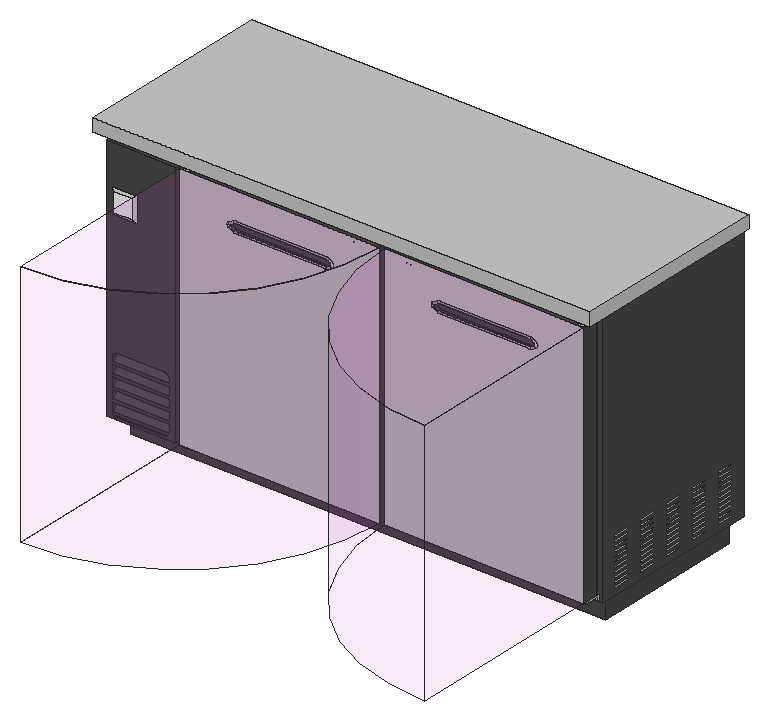
Revit family "QF_Kelvinator_738270_KCHBB60S_2-Solid_Door_Back_Bar_Refrigerator_Black_61_Long", category Specialty Equipment, Revit 2021 (continued)
Definition of nested family "KCHBB48S"
  Definition of nested family "Family1"
    Forms (in)
      Extrusion 18, solid
        sketch origin (2, 0.35049, -1.06969) x (0, 0, 1) y (-1, 0, 0)
          loop
            circle (0.77738, 1.45668) r 0.25
        from 0 to 0.125
      Extrusion 19, solid, visible <- "Show Clearance"
        sketch origin (0, 0, 0) x (1, 0, 0) y (0, 1, 0)
          loop
            line (0, -1.75) -> (0, -26.35)
            arc (0, -26.35) -> (17.39483, -19.14483) -> (24.6, -1.75) r 24.6
            line (24.6, -1.75) -> (0, -1.75)
        from 0 to 30.4
    Cuts and joins
      Extrusion 2, Extrusion 4 cuts Extrusion 1
      joined: Extrusion 7, Extrusion 8, Extrusion 9, Extrusion 10, Extrusion 11, Extrusion 12
      joined: Extrusion 13, Extrusion 14, Extrusion 15, Extrusion 16, Extrusion 17, Extrusion 18
    Lines and regions (in)
      Split face 1
        outline origin (0, -1.75, 30.4) x (-1, 0, 0) y (0, 0, -1)
          loop
            arc (-21.0075, 0.1875) -> (-20.695, 0.5) -> (-21.0075, 0.8125) r 0.3125
            line (-21.0075, 0.8125) -> (-22.10125, 0.8125)
            arc (-22.10125, 0.8125) -> (-22.41375, 0.5) -> (-22.10125, 0.1875) r 0.3125
            line (-22.10125, 0.1875) -> (-21.0075, 0.1875)
      Split face 2
        outline origin (0, -1.75, 30.4) x (-1, 0, 0) y (0, 0, -1)
          loop
            circle (-21.55437, 0.5) r 0.2773
      symbolic lines, visible <- "Show Clearance"
        curve 1: arc (21.30422, -14.05, 0) -> (23.68371, -8.40146, 0) -> (24.59292, -2.34, 0) r 24.6
        curve 2: line (1.02191, -2.34, 0) -> (21.30422, -14.05, 0)
    Dimensions and locks (in)
      equal spacing: plane 3 "LEFT", plane 7 "Center Y", plane 4 "RIGHT"
      "Length": plane 3 "LEFT" to plane 4 "RIGHT"
      equal spacing: plane 5 "FRONT", plane 8 "Center X", plane 1 "BACK"
      "Depth": plane 5 "FRONT" to plane 1 "BACK"
      "Height": plane 6 "TOP" to level
      aligned and locked: level to plane 2
      aligned and locked: Extrusion 5 to plane 13
      aligned and locked: Extrusion 6 to plane 13
    Automatic sketch dimensions
      Extrusion 1 sketch curve to level = 0.000"
      Extrusion 1 sketch curve to plane 3 "LEFT" = 0.000"
      plane 4 "RIGHT" to Extrusion 1 sketch curve = 0.000"
      Extrusion 1 sketch curve to plane 6 "TOP" = 0.000"
      Extrusion 2 sketch curve to plane 6 "TOP" = 4.42179"
      Extrusion 2 sketch curve to Extrusion 2 sketch curve = 0.3367"
      Extrusion 2 sketch curve to Extrusion 2 sketch curve = 0.33813"  (x2)
      Extrusion 2 sketch curve to Extrusion 2 sketch curve = 0.09937"  (x2)
      Extrusion 2 sketch curve to Extrusion 2 sketch curve = 0.1008"  (x2)
      plane 12 to Extrusion 2 sketch curve = 5.7715"
      Extrusion 2 sketch curve to Extrusion 2 sketch curve = 0.06211"
      Extrusion 2 sketch curve to Extrusion 2 sketch curve = 0.541"  (x2)
      plane 7 "Center Y" to Extrusion 2 sketch curve = 5.675"
      Extrusion 2 sketch curve to Extrusion 2 sketch curve = 0.000"
      Extrusion 2 sketch curve to Extrusion 2 sketch curve = 0.47572"
      Extrusion 2 sketch curve to Extrusion 2 sketch curve = 0.063"
      Sweep 3 sketch curve to plane 6 "TOP" = 3.54679"
      Sweep 3 sketch curve to Sweep 3 sketch curve = 0.3367"
      Sweep 3 sketch curve to Sweep 3 sketch curve = 0.33813"  (x2)
      Sweep 3 sketch curve to Sweep 3 sketch curve = 0.09937"  (x2)
      Sweep 3 sketch curve to Sweep 3 sketch curve = 0.1008"  (x2)
      plane 12 to Sweep 3 sketch curve = 5.7715"
      Sweep 3 sketch curve to Sweep 3 sketch curve = 0.06211"
      Sweep 3 sketch curve to Sweep 3 sketch curve = 0.541"  (x2)
      plane 7 "Center Y" to Sweep 3 sketch curve = 5.675"
      Sweep 3 sketch curve to Sweep 3 sketch curve = 0.000"
      Sweep 3 sketch curve to Sweep 3 sketch curve = 0.47572"
      Sweep 3 sketch curve to Sweep 3 sketch curve = 0.063"
      profile plane to Sweep 3 sketch curve = 0.000"
      profile plane to Sweep 3 sketch curve = 0.125"
      profile plane to Sweep 3 sketch curve = 2.67809"
      Sweep 3 sketch curve to Sweep 3 sketch curve = 0.12191"
      Split face 1 sketch curve to cut or joined group of Extrusion 1, Extrusion 2, Extrusion 4 = 0.1875"
      cut or joined group of Extrusion 1, Extrusion 2, Extrusion 4 to Split face 1 sketch curve = 0.2873"  (x2)
      Split face 1 sketch curve to cut or joined group of Extrusion 1, Extrusion 2, Extrusion 4 = 0.03125"
      Split face 2 sketch curve to cut or joined group of Extrusion 1, Extrusion 2, Extrusion 4 = 0.03125"
      Split face 2 sketch curve to cut or joined group of Extrusion 1, Extrusion 2, Extrusion 4 = 0.25958"
      Extrusion 1 to Extrusion 4 sketch curve = 0.46875"
      Extrusion 1 to Extrusion 4 sketch curve = 2.78605"
      Extrusion 4 sketch curve to Extrusion 4 sketch curve = 0.51916"
      Extrusion 4 sketch curve to Extrusion 4 sketch curve = 0.0625"
      Extrusion 5 sketch curve to plane 1 "BACK" = 0.000"
      level to Extrusion 5 sketch curve = 0.32425"
      Extrusion 5 sketch curve to plane 6 "TOP" = 0.32575"
      Extrusion 5 sketch curve to Extrusion 5 sketch curve = 0.250"
      Extrusion 6 sketch curve to plane 9 = 0.000"
      level to Extrusion 6 sketch curve = 0.32425"
      Extrusion 6 sketch curve to plane 6 "TOP" = 0.32575"
      Extrusion 6 sketch curve to Extrusion 6 sketch curve = 0.250"
      Extrusion 7 sketch curve to plane 6 "TOP" = 0.000"
      Extrusion 7 sketch curve to plane 3 "LEFT" = 0.000"
      Extrusion 7 sketch curve to plane 10 = 0.12956"
      plane 12 to Extrusion 7 sketch curve = 2.6875"
      Extrusion 8 sketch curve to plane 9 = 0.000"
      Extrusion 8 sketch curve to plane 3 "LEFT" = 0.000"
      plane 12 to Extrusion 8 sketch curve = 0.23886"
      Extrusion 8 sketch curve to plane 8 "Center X" = 0.250"
      Extrusion 9 sketch curve to Extrusion 7 = 0.29232"
      Extrusion 9 sketch curve to Extrusion 7 = 0.45668"
      Extrusion 10 sketch curve to plane 8 "Center X" = 0.000"
      plane 12 to Extrusion 10 sketch curve = 0.23886"
      Extrusion 11 sketch curve to Extrusion 7 = 0.29232"
      Extrusion 11 sketch curve to Extrusion 7 = 1.45668"
      Extrusion 12 sketch curve to Extrusion 7 = 0.29232"
      Extrusion 12 sketch curve to Extrusion 7 = 0.54332"
      Extrusion 13 sketch curve to level = 0.000"
      Extrusion 13 sketch curve to plane 3 "LEFT" = 0.000"
      Extrusion 13 sketch curve to plane 11 = 0.12956"
      plane 12 to Extrusion 13 sketch curve = 2.6875"
      Extrusion 14 sketch curve to plane 3 "LEFT" = 0.000"
      Extrusion 14 sketch curve to plane 9 = 0.000"
      Extrusion 14 sketch curve to plane 8 "Center X" = 0.250"
      Extrusion 14 sketch curve to Extrusion 14 sketch curve = 0.55136"
      Extrusion 15 sketch curve to Extrusion 13 = 0.29232"
      Extrusion 15 sketch curve to Extrusion 13 = 0.45668"
      Extrusion 16 sketch curve to plane 8 "Center X" = 0.000"
      plane 12 to Extrusion 16 sketch curve = 0.23886"
      Extrusion 17 sketch curve to Extrusion 13 = 0.29232"
      Extrusion 17 sketch curve to Extrusion 13 = 1.45668"
      Extrusion 18 sketch curve to Extrusion 13 = 0.29232"
      Extrusion 18 sketch curve to Extrusion 13 = 0.54332"
      Extrusion 19 sketch curve to plane 3 "LEFT" = 0.000"
      Extrusion 19 sketch curve to plane 4 "RIGHT" = 0.000"
      plane 5 "FRONT" to Extrusion 19 sketch curve = 0.000"
      curve 1 to plane 3 "LEFT" = 0.000"
      curve 2 to plane 14 = 0.000"
      curve 1 to plane 14 = 0.000"
      plane 5 "FRONT" to curve 1 = 0.000"
      plane 13 to curve 2 = 2.98328"
      curve 2 to plane 14 = 11.710"
      plane 12 to curve 2 = 0.70941"
      radius of Split face 2 sketch curve = 0.2773"
      radius of Extrusion 9 sketch curve = 0.250"
      radius of Extrusion 10 sketch curve = 0.250"
      radius of Extrusion 11 sketch curve = 0.250"
      radius of Extrusion 12 sketch curve = 0.250"
      radius of Extrusion 15 sketch curve = 0.250"
      radius of Extrusion 16 sketch curve = 0.250"
      radius of Extrusion 17 sketch curve = 0.250"
      radius of Extrusion 18 sketch curve = 0.250"
